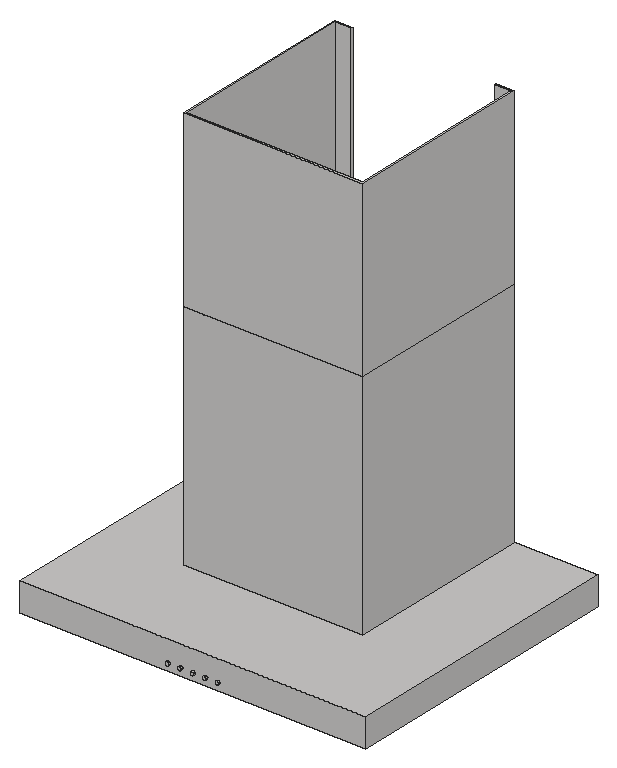
Revit family "Qf_Summit_SEH4624SS_24 inches Wide Wall-Mounted Range Hood", category Specialty Equipment, Revit 2020
Family settings
  Round Connector Dimension = Use Diameter
  Part Type = Normal
  Work Plane-Based = No
  Always vertical = Yes
  Cut with Voids When Loaded = No
  Shared = No
  Room Calculation Point = No
Parameters
  Weight in Pounds = 48
  Watts = FL Amps * Volts  # 299 W
  Volts = 115 V
  Ventilation Remarks = ""
  URL Cutsheet = ""
  Specification by User = ""
  Specification by Manufacturer = ""
  Show Clearance [instance] = yes
  Show Casters [instance] = yes
  Serial Number = ""
  Seismic Rating = ""
  SMACNA No = ""
  Revision Code = ""
  Phase = 1
  Number of Poles = 1
  NAFEM Spec ID Number = ""
  Model = "SEH4624SS"
  Min Ckt Ampacity = 0 A
  Max Overcurrent Protection = 0 A
  Masterspec = ""
  Manufacturer = "Summit"
  Length = 23 9/16"
  Item Number = ""
  Installed By = ""
  Identify Quantity as Lot = yes
  Height = 29 1/2"
  HP = ""
  Furnished By = ""
  Foodservice Equipment Identifier = yes
  FL Amps = 2.6 A
  Exhaust Volume = 200 CFM
  Exhaust Vent Width = 12 1/4"
  Exhaust Vent Diameter = 0"
  Exhaust Vent Depth = 12 7/8"
  Exhaust Static Press = 0.00 in-wg
  Exhaust RI Height = 0"
  Electrical Remarks = ""
  Electric Connection Type = ""
  Elec Conn RI Height = 0"
  Elec Conn Connection Height = 0"
  Description = "24\" Wide Wall-Mounted Range Hood"
  Depth = 19 11/16"
  Default Elevation = 0"
  Cycle = 60 Hz
  Conn Plug = ""
  Conn Conduit = yes
  CSI MasterFormat = ""
  Base Height [instance] = 3/4"
  Apparent Power = 828 VA
Reference planes (in)
  plane 1: z = 0
  plane 2 "LEFT": x = 0
  plane 3 "RIGHT": x = 23.5625
  plane 4 "FRONT": y = -20.4375
  plane 5 "TOP": z = 29.5
  plane 6 "Center Y": x = 11.78125
  plane 7 "Center X": y = -10.59375
  plane 8 "BACK": y = -0.75
  plane 9: z = 17.6875
  plane 10: y = -13.625
  plane 11: x = 5.65625
  plane 12: x = 17.90625
  plane 13: z = 1.9375
Forms (in)
  Extrusion 1, solid, material "QF_Metal_Stainless_Polished"
    sketch origin (0, 0, 0) x (1, 0, 0) y (0, 1, 0)
      loop
        line (5.65625, -0.75) -> (5.65625, -13.625) -> (17.90625, -13.625) -> (17.90625, -0.75) -> (16.67774, -0.75) -> (16.67774, -0.875) -> (17.78125, -0.875) -> (17.78125, -13.5) -> (5.78125, -13.5) -> (5.78125, -0.875) -> (6.88476, -0.875) -> (6.88476, -0.75) -> (5.65625, -0.75)
    from 17.6875 to 29.5
  Extrusion 2, solid, material "QF_Metal_Stainless_Polished"
    sketch origin (0, 0, 51) x (0, -1, 0) y (1, 0, 0)
      loop
        line (0.75, 5.65625) -> (13.625, 5.65625) -> (13.625, 17.90625) -> (0.75, 17.90625) -> (0.75, 5.65625)
    from -49.0625 to -33.3125
  Extrusion 3, solid, material "QF_Metal_Stainless_Polished"
    sketch origin (0, 0, 0) x (1, 0, 0) y (0, 1, 0)
      loop
        line (0, -0.75) -> (0, -20.4375) -> (23.5625, -20.4375) -> (23.5625, -0.75) -> (0, -0.75)
    from 0 to 1.9375
  Extrusion 4, solid, material "QF_Metal_Stainless_Polished"
    sketch origin (4.28125, -0.75, 51) x (1, 0, 0) y (0, 0, -1)
      loop
        circle (7.5, 47.97736) r 0.25
    from 0 to 0.06876
  Extrusion 5, solid, material "QF_Metal_Stainless_Polished"
    sketch origin (23.5625, -20.4375, 0) x (-1, 0, 0) y (0, 0, -1)
      loop
        circle (11.78125, -0.47403) r 0.11743
      loop
        circle (10.9369, -0.47403) r 0.11743
      loop
        circle (12.6256, -0.47403) r 0.11743
      loop
        circle (13.46994, -0.47403) r 0.11743
      loop
        circle (10.09256, -0.47403) r 0.11743
    from 0 to 0.08308
  Extrusion 6, void
    sketch origin (0, 0, 0) x (1, 0, 0) y (0, 1, 0)
      loop
        line (2, -2.75) -> (2, -18.4375) -> (21.5625, -18.4375) -> (21.5625, -2.75) -> (2, -2.75)
    from 0 to 1.31699
  Extrusion 7, solid, material "QF_Metal_Stainless_Polished"
    sketch origin (0, 0, 1.31699) x (0, 1, 0) y (1, 0, 0)
      loop
        line (-2.875, 2.125) -> (-2.875, 21.4375) -> (-18.3125, 21.4375) -> (-18.3125, 2.125) -> (-2.875, 2.125)
      loop
        line (-3.2238, 2.45279) -> (-3.2238, 11.53125) -> (-15.9738, 11.53125) -> (-15.9738, 8.40625) -> (-14.8488, 8.40625) -> (-14.8488, 5.40625) -> (-15.9738, 5.40625) -> (-15.9738, 2.45279) -> (-3.2238, 2.45279)
      loop
        line (-3.2238, 21.10971) -> (-15.9738, 21.10971) -> (-15.9738, 18.15625) -> (-14.8488, 18.15625) -> (-14.8488, 15.15625) -> (-15.9738, 15.15625) -> (-15.9738, 12.03125) -> (-3.2238, 12.03125) -> (-3.2238, 21.10971)
    from 0 to 1.31699
  Extrusion 8, solid, material "QF_Plastic_White_Smooth"
    sketch origin (0, 0, 1.31699) x (0, 1, 0) y (-1, 0, 0)
      loop
        line (-3.2238, -12.03125) -> (-15.9738, -12.03125) -> (-15.9738, -15.15625) -> (-14.8488, -15.15625) -> (-14.8488, -18.15625) -> (-15.9738, -18.15625) -> (-15.9738, -21.10971) -> (-3.2238, -21.10971) -> (-3.2238, -12.03125)
      loop
        line (-15.9738, -2.45279) -> (-15.9738, -5.40625) -> (-14.8488, -5.40625) -> (-14.8488, -8.40625) -> (-15.9738, -8.40625) -> (-15.9738, -11.53125) -> (-3.2238, -11.53125) -> (-3.2238, -2.45279) -> (-15.9738, -2.45279)
    from 0 to -1.31699
  Extrusion 9, solid, material "QF_Plastic_White_Smooth"
    sketch origin (0, 0, 0) x (1, 0, 0) y (0, 1, 0)
      loop
        spline (8.03125, -1.75505) -> (7.99292, -1.53462) -> (7.88053, -1.32922) -> (7.70175, -1.15283) -> (7.46875, -1.01749) -> (7.19742, -0.9324) -> (6.90625, -0.90339) -> (6.61508, -0.9324) -> (6.34375, -1.01749) -> (6.11075, -1.15283) -> (5.93197, -1.32922) -> (5.81958, -1.53462) -> (5.78125, -1.75505)
        spline (5.78125, -1.75505) -> (5.81958, -1.97547) -> (5.93197, -2.18088) -> (6.11075, -2.35726) -> (6.34375, -2.49261) -> (6.61508, -2.57769) -> (6.90625, -2.60671) -> (7.19742, -2.57769) -> (7.46875, -2.49261) -> (7.70175, -2.35726) -> (7.88053, -2.18088) -> (7.99292, -1.97547) -> (8.03125, -1.75505)
      loop
        spline (15.53125, -1.75505) -> (15.56958, -1.97547) -> (15.68197, -2.18088) -> (15.86075, -2.35726) -> (16.09375, -2.49261) -> (16.36508, -2.57769) -> (16.65625, -2.60671) -> (16.94742, -2.57769) -> (17.21875, -2.49261) -> (17.45175, -2.35726) -> (17.63053, -2.18088) -> (17.74292, -1.97547) -> (17.78125, -1.75505)
        spline (17.78125, -1.75505) -> (17.74292, -1.53462) -> (17.63053, -1.32922) -> (17.45175, -1.15283) -> (17.21875, -1.01749) -> (16.94742, -0.9324) -> (16.65625, -0.90339) -> (16.36508, -0.9324) -> (16.09375, -1.01749) -> (15.86075, -1.15283) -> (15.68197, -1.32922) -> (15.56958, -1.53462) -> (15.53125, -1.75505)
    from 0 to -0.03009
  Extrusion 10, solid, material "QF_Metallic_Paint_Black_Glossy"
    sketch origin (0, 0, 0) x (1, 0, 0) y (0, 1, 0)
      loop
        line (15.81597, -15.20035) -> (15.81597, -15.89524) -> (17.53125, -15.89524) -> (17.53125, -15.20035) -> (15.81597, -15.20035)
      loop
        line (7.74653, -15.20035) -> (6.03125, -15.20035) -> (6.03125, -15.89524) -> (7.74653, -15.89524) -> (7.74653, -15.20035)
    from 0 to -0.03009
Cuts and joins
  Extrusion 6 cuts Extrusion 2
  Extrusion 6 cuts Extrusion 4
  joined: Extrusion 2, Extrusion 4
  Extrusion 6 cuts Extrusion 3
Lines and regions (in)
  symbolic lines
    curve 1: line (0, -0.75, 0) -> (0, -20.4375, 0)
    curve 2: line (0, -20.4375, 0) -> (23.5625, -20.4375, 0)
    curve 3: line (23.5625, -20.4375, 0) -> (23.5625, -0.75, 0)
    curve 4: line (23.5625, -0.75, 0) -> (0, -0.75, 0)
    curve 5: line (17.78125, -13.5, 0) -> (5.78125, -13.5, 0)
    curve 6: line (5.78125, -13.5, 0) -> (5.78125, -0.875, 0)
    curve 7: line (5.78125, -0.875, 0) -> (6.88476, -0.875, 0)
    curve 8: line (6.88476, -0.875, 0) -> (6.88476, -0.75, 0)
    curve 9: line (6.88476, -0.75, 0) -> (5.65625, -0.75, 0)
    curve 10: line (5.65625, -0.75, 0) -> (5.65625, -13.625, 0)
    curve 11: line (5.65625, -13.625, 0) -> (17.90625, -13.625, 0)
    curve 12: line (17.90625, -13.625, 0) -> (17.90625, -0.75, 0)
    curve 13: line (17.90625, -0.75, 0) -> (16.67774, -0.75, 0)
    curve 14: line (16.67774, -0.75, 0) -> (16.67774, -0.875, 0)
    curve 15: line (16.67774, -0.875, 0) -> (17.78125, -0.875, 0)
    curve 16: line (17.78125, -0.875, 0) -> (17.78125, -13.5, 0)
Dimensions and locks (in)
  equal spacing: plane 2 "LEFT", plane 6 "Center Y", plane 3 "RIGHT"
  "Length": plane 2 "LEFT" to plane 3 "RIGHT"
  equal spacing: plane 4 "FRONT", plane 7 "Center X", plane 8 "BACK"
  "Height": plane 5 "TOP" to level
  plane 3 "RIGHT" to plane 2 "LEFT" = 23 9/16"
  plane 5 "TOP" to level = 29 1/2"
  "Depth": plane 4 "FRONT" to plane 8 "BACK"
  plane 9 to plane 13 = 15 3/4"
  plane 8 "BACK" to plane 10 = 12 7/8"
  plane 11 to plane 12 = 12 1/4"
  plane 13 to level = 1 15/16"
  equal spacing: plane 11, plane 6 "Center Y", plane 12, locked at 6.125 each
  locked: plane 6 "Center Y" to Extrusion 4 sketch curve
  Extrusion 5 sketch curve to Extrusion 5 sketch curve to plane 6 "Center Y" to Extrusion 5 sketch curve to Extrusion 5 sketch curve to Extrusion 5 sketch curve = 0.84435" locked, 0.84435" locked, 0" locked, 0.84435" locked, 0.84435" locked
  aligned and locked: level to plane 1
  aligned and locked: plane 5 "TOP" to Extrusion 1
  aligned and locked: Extrusion 1 to plane 9
  aligned and locked: plane 9 to Extrusion 2
  aligned and locked: plane 13 to Extrusion 3
  aligned and locked: cut or joined group of Extrusion 2, Extrusion 4, Extrusion 6 to plane 13
  aligned and locked: Extrusion 7 to level
  aligned and locked: Extrusion 8 to level
  aligned and locked: Extrusion 9 to Extrusion 10
Automatic sketch dimensions
  curve 1 to plane 2 "LEFT" = 0"
  plane 8 "BACK" to curve 10 = 0"
  curve 10 to plane 11 = 0"
  plane 8 "BACK" to curve 14 = 0"
  curve 12 to plane 10 = 0"
  curve 12 to plane 12 = 0"
  curve 3 to plane 3 "RIGHT" = 0"
  plane 4 "FRONT" to curve 1 = 0"
  plane 8 "BACK" to curve 4 = 0"
  curve 5 to plane 11 = 1/8"
  curve 6 to curve 9 = 1.10351"
  curve 14 to curve 12 = 1.22851"
  curve 15 to plane 12 = 1/8"
  plane 10 to curve 5 = 1/8"
  plane 8 "BACK" to curve 7 = 1/8"
  plane 8 "BACK" to curve 16 = 1/8"
  Extrusion 1 sketch curve to plane 10 = 0"
  Extrusion 1 sketch curve to plane 11 = 0"
  plane 8 "BACK" to Extrusion 1 sketch curve = 0"  (x2)
  Extrusion 1 sketch curve to plane 12 = 0"
  Extrusion 1 sketch curve to plane 11 = 1/8"
  plane 8 "BACK" to Extrusion 1 sketch curve = 1/8"
  Extrusion 1 sketch curve to Extrusion 1 sketch curve = 1.10351"
  Extrusion 1 sketch curve to Extrusion 1 sketch curve = 1.22851"
  Extrusion 1 sketch curve to plane 12 = 1/8"
  plane 10 to Extrusion 1 sketch curve = 1/8"
  Extrusion 1 sketch curve to Extrusion 1 sketch curve = 1/8"
  plane 8 "BACK" to Extrusion 2 sketch curve = 0"
  Extrusion 2 sketch curve to plane 10 = 0"
  Extrusion 2 sketch curve to plane 11 = 0"
  Extrusion 2 sketch curve to plane 12 = 0"
  Extrusion 3 sketch curve to plane 2 "LEFT" = 0"
  Extrusion 3 sketch curve to plane 3 "RIGHT" = 0"
  plane 4 "FRONT" to Extrusion 3 sketch curve = 0"
  plane 8 "BACK" to Extrusion 3 sketch curve = 0"
  Extrusion 2 to Extrusion 4 sketch curve = 1.08514"
  Extrusion 3 to Extrusion 5 sketch curve = 0.47403"  (x5)
  Extrusion 3 to Extrusion 6 sketch curve = 2"  (x4)
  Extrusion 6 to Extrusion 7 sketch curve = 1/8"  (x4)
  Extrusion 6 to Extrusion 7 sketch curve = 2.4637"  (x2)
  Extrusion 6 to Extrusion 7 sketch curve = 0.45279"  (x2)
  Extrusion 7 sketch curve to Extrusion 7 sketch curve = 2.3387"
  Extrusion 7 sketch curve to Extrusion 7 sketch curve = 0"
  Extrusion 7 sketch curve to Extrusion 7 sketch curve = 1 1/8"  (x2)
  Extrusion 6 to Extrusion 7 sketch curve = 0.4738"  (x2)
  Extrusion 7 sketch curve to Extrusion 7 sketch curve = 2.95346"
  Extrusion 7 sketch curve to Extrusion 7 sketch curve = 3"  (x2)
  Extrusion 7 sketch curve to Extrusion 7 sketch curve = 9.07846"
  Extrusion 7 sketch curve to Extrusion 7 sketch curve = 1/2"
  Extrusion 7 sketch curve to Extrusion 7 sketch curve = 3 1/8"
  Extrusion 8 sketch curve to Extrusion 7 = 0"  (x11)
  Extrusion 7 to Extrusion 8 sketch curve = 0"  (x5)
  Extrusion 9 sketch curve to plane 11 = 1 1/4"
  Extrusion 9 sketch curve to Extrusion 9 sketch curve = 1 1/8"  (x2)
  Extrusion 9 sketch curve to plane 12 = 2 3/8"
  plane 8 "BACK" to Extrusion 9 sketch curve = 1.00505"  (x2)
  Extrusion 10 sketch curve to plane 11 = 3/8"
  Extrusion 10 sketch curve to plane 10 = 2.27024"  (x2)
  Extrusion 10 sketch curve to Extrusion 10 sketch curve = 1.71528"
  Extrusion 10 sketch curve to plane 12 = 2.09028"
  Extrusion 10 sketch curve to plane 12 = 3/8"
  Extrusion 10 sketch curve to Extrusion 10 sketch curve = 0.69489"  (x2)
  radius of Extrusion 4 sketch curve = 1/4"
  radius of Extrusion 5 sketch curve = 0.11743"  (x5)
Connectors (in)
  electrical at (11.78125, -0.68124, 3.02264), driven by "Volts", driven by "Apparent Power"
    settings: on cut or joined group of Extrusion 2, Extrusion 4, Extrusion 6, index 1, voltage 115 V, apparent load 828 VA, apparent load phase1 0 VA, apparent load phase2 0 VA, apparent load phase3 0 VA, power factor 1, load classification "Other", number of poles 1, system type 30, power factor state 1, is connector primary yes, connector utility no, sub classification motor no, connector description "Electrical Inlet"
  hvac at (11.78125, -5.0625, 29.5)
    settings: on Extrusion 1, index 2, duct flow 0 CFM, flow factor 0, pres drop 0.00 in-wg, loss coef 0, conn angle 0.00°, conn width 12 1/4", conn height 12 7/8", conn diameter 24", duct sys type 3, conn prof type 1, flow config 1, flow direction 2, loss method 0, conn ref index -1, conn util no, is conn primary yes, conn desc "Exhaust"
